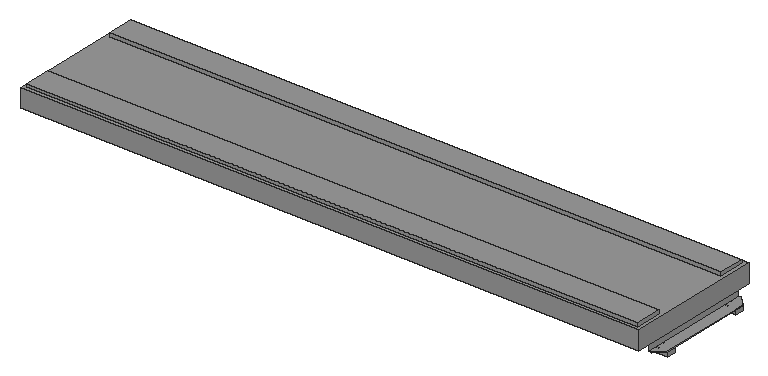
Revit family "44059", category Lighting Fixtures, host Face, Revit 2018
Family settings
  Host = Face
  Round Connector Dimension = Use Diameter
  Part Type = Normal
  OmniClass Number = 23.80.70.00
  OmniClass Title = Lighting
  Cut with Voids When Loaded = No
  Light Source = Yes
  Shared = No
  Room Calculation Point = No
Parameters (values of type "0044059 SPORTSBAY 18KLM 840")
  box length = 1160 mm
  Width = 320 mm
  Weight = "n/a"
  Wattage Comments = ""
  Wattage = 9.2903 W
  WarrantyStartDate [instance] = "n/a"
  WarrantyGuarantorParts = "n/a"
  WarrantyDurationUnit = "n/a"
  WarrantyDurationParts = ""
  WarrantyDescription = "http://www.sylvania-lighting.com"
  built-in parameter 1150110 = 1 (stored number, unit not read)
  Voltage = 0 V
  URL = "0.96"
  TypeName = "Sportsbay 18klm 840"
  Type Image = <None>
  Type Comments = "n/a"
  built-in parameter 1114217 = 1 (stored number, unit not read)
  Tilt Angle = -90.00°
  built-in parameter 1150109 = 1 (stored number, unit not read)
  built-in parameter 1150134 = 3
  built-in parameter 1150113 = 1 (stored number, unit not read)
  SerialNumber [instance] = "n/a"
  Photometric Web File = "0044059.IES"
  Material_3_SYL = none
  PowerFactor = 0
  PowerConsumption = "Lighting"
  NominalLength = 320 mm
  NominalHeight = 76 mm
  NominalDepth = 320 mm
  Name = "Sportsbay 18klm 840"
  ModelReference = Name  # "Sportsbay 18klm 840"
  ModelNumber = "0044059"
  Model = Name  # "Sportsbay 18klm 840"
  Material = "Feilo Sylvania"
  ManufacturerName = "156 lm/W"
  Manufacturer = ""
  LuminousEfficacy = ""
  built-in parameter 1150105 = 109.82 (stored number, unit not read)
  Lumens = 1380 lm
  LuminaireType = "0"
  built-in parameter 1150115 = 1 (stored number, unit not read)
  LightOutputRatio = "LED"
  built-in parameter 1150137 = (empty or 0)
  built-in parameter 1150139 = (empty or 0)
  Length = 1500 mm
  LampsType = Lamp  # "n/a"
  LampNominalLuminous = "4000 K"
  LampMacAdamStep = "80"
  LampColourTemperature = "LED"
  LampColourRenderingIndex = "16500"
  built-in parameter 1150112 = 1 (stored number, unit not read)
  built-in parameter 1150114 = 1 (stored number, unit not read)
  Lamp = "n/a"
  Keynote = "n/a"
  InstallationDate [instance] = "n/a"
  InputVoltage = "0"
  InputNominalFrequency = "4000"
  built-in parameter 1150132 = (empty or 0)
  built-in parameter 1150102 = (empty or 0)
  built-in parameter 1150107 = 3200 (stored number, unit not read)
  built-in parameter 1150138 = (empty or 0)
  IngressProtection = "IfcLightFixtureType"
  ImpactProtectionIndex = "IfcLightFixtureType"
  built-in parameter 1150106 = 1.0982 (stored number, unit not read)
  IfcExportType = "IfcLightFixtureType"
  IfcExportAs = "Class I"
  Height = 76 mm
  Emit from Circle Diameter = 609.6 mm
  Emit Shape Visible in Rendering = no
  ElectricShockClassification = "156"
  built-in parameter 1150104 = 13.8 (stored number, unit not read)
  DocumentationLiterature = "http://www.sylvania-lighting.com/product/en-int/products/0044059"
  DimmingControlOptions = "n/a"
  Material_2_SYL = none
  Dimming Lamp Color Temperature Shift = <None>
  Description = ""
  Default Elevation = 1219.2 mm
  CreatedOn = "26/09/2023"
  CreatedBy = "@sylvania-lighting.com"
  Cost = 0
  Color Filter = 16777215
  built-in parameter 1114216 [instance] = (empty or 0)
  ClassificationValue = "EF_70_80"
  ClassificationName = "Uniclass2015"
  Material_1_SYL = none
  BarCode [instance] = "n/a"
  built-in parameter 1114218 = 1 (stored number, unit not read)
  built-in parameter 1150133 = 10 (stored number, unit not read)
  AssetType = "Fixed"
  AssetIdentifier [instance] = "n/a"
  Assembly Code = "D5020200"
  Apparent Load = 118 VA
  Material_4_SYL = none
Reference planes
  plane 1 "Center (Front/Back)": y = 0
  plane 2: z = 0
  plane 3 "Center (Left/Right)": x = 0
  plane 4: x = -750
  plane 5: x = 750
  plane 6: y = 160
  plane 7: y = -160
  plane 8: z = 76
  plane 9: z = 1
  plane 10: y = 130
  plane 11: y = -130
  plane 12: y = 110
  plane 13: y = -110
  plane 14: z = 11
  plane 15: z = 68
  plane 16: z = 25
  plane 17: y = 90
  plane 18: y = 151
  plane 19: y = 90
  plane 20: x = -720
  plane 21: x = -728.997
  plane 22: x = -721
  plane 23: x = -712
  plane 24: x = -748.5
  plane 25: x = -723.5
  plane 26: x = 712
Forms (mm)
  Extrusion 1, solid, material "Aluminum", detail levels medium+fine
    sketch origin (0, 0, 0) x (1, 0, 0) y (0, 1, 0)
      loop
        line (-740.875, 130) -> (-750, 121.311) -> (-750, -110) -> (-728.997, -130) -> (-720, -130) -> (-720, 130) -> (-740.875, 130)
    from 11 to 12
  Extrusion 2, solid, material "Aluminum", detail levels medium+fine
    sketch origin (0, 0, 0) x (1, 0, 0) y (0, 1, 0)
      loop
        line (-720, 130) -> (-721, 130) -> (-721, -130) -> (-720, -130) -> (-720, 130)
    from 11 to 25
  Extrusion 3, solid, material "Aluminum", detail levels medium+fine
    sketch origin (1524, -324.9, 1219.2) x (1, 0, 0) y (0, 0, 1)
      loop
        line (-803, -1151.2) -> (-2245, -1151.2) -> (-2245, -1194.2) -> (-803, -1194.2) -> (-803, -1151.2)
    from -484.9 to -164.9
  Extrusion 4, solid, material "Aluminum", detail levels medium+fine
    sketch origin (0, 0, 0) x (1, 0, 0) y (0, 1, 0)
      loop
        line (-748.5, 110) -> (-748.5, 90) -> (-723.5, 90) -> (-723.5, 110) -> (-748.5, 110)
    from 0 to 11
  Extrusion 5, solid, material "Aluminum", detail levels medium+fine
    sketch origin (0, 0, 0) x (1, 0, 0) y (0, 1, 0)
      loop
        line (-748.5, -110) -> (-723.5, -110) -> (-723.5, -90) -> (-748.5, -90) -> (-748.5, -110)
    from 0 to 11
  Extrusion 6, solid, material "Glass, White, High Luminance", detail levels fine
    sketch origin (0, 0, 0) x (1, 0, 0) y (0, 1, 0)
      loop
        line (-712, 151) -> (-712, 90) -> (712, 90) -> (712, 151) -> (-712, 151)
    from 68 to 76
  Extrusion 7, solid, material "Glass, White, High Luminance", detail levels fine
    sketch origin (0, 0, 0) x (1, 0, 0) y (0, 1, 0)
      loop
        line (-712, -151) -> (712, -151) -> (712, -90) -> (-712, -90) -> (-712, -151)
    from 68 to 76
  Extrusion 8, solid, detail levels coarse
    sketch origin (0, 0, 0) x (1, 0, 0) y (0, 1, 0)
      loop
        line (-750, 160) -> (-750, -160) -> (750, -160) -> (750, 160) -> (-750, 160)
    from 0 to 76
  Extrusion 9, solid, material "Aluminum", detail levels medium+fine
    sketch origin (0, 0, 0) x (-1, 0, 0) y (0, -1, 0)
      loop
        line (-726.38, -130) -> (-720, -130) -> (-720, 130) -> (-728.997, 130) -> (-750, 110) -> (-750, -107.508) -> (-726.38, -130)
    from 11 to 12
  Extrusion 10, solid, material "Aluminum", detail levels coarse
    sketch origin (-1524, -324.9, 1219.2) x (-1, 0, 0) y (0, 0, -1)
      loop
        line (-774, 1143.2) -> (-774, 1219.2) -> (-2274, 1219.2) -> (-2274, 1143.2) -> (-774, 1143.2)
    from -484.9 to -164.9
  Extrusion 11, solid, material "Aluminum", detail levels medium+fine
    sketch origin (0, 0, 0) x (-1, 0, 0) y (0, -1, 0)
      loop
        line (-748.5, -110) -> (-723.5, -110) -> (-723.5, -90) -> (-748.5, -90) -> (-748.5, -110)
    from 0 to 11
  Extrusion 12, solid, material "Aluminum", detail levels medium+fine
    sketch origin (0, 0, 0) x (-1, 0, 0) y (0, -1, 0)
      loop
        line (-748.5, 110) -> (-748.5, 90) -> (-723.5, 90) -> (-723.5, 110) -> (-748.5, 110)
    from 0 to 11
  Extrusion 13, solid, material "Aluminum", detail levels medium+fine
    sketch origin (0, 0, 0) x (-1, 0, 0) y (0, -1, 0)
      loop
        line (-720, -130) -> (-720, 130) -> (-721, 130) -> (-721, -130) -> (-720, -130)
    from 11 to 25
Dimensions and locks
  equal spacing: plane 4, plane 3 "Center (Left/Right)", plane 5
  equal spacing: plane 6, plane 1 "Center (Front/Back)", plane 7
  "Length": plane 4 to plane 5
  "Width": plane 6 to plane 7
  "Height": plane 8 to level
  aligned and locked: plane 2 to host face
  aligned and locked: level to host face
Automatic sketch dimensions
  host sketch curve to host sketch curve = 2438.4 mm  (x2)
  Extrusion 1 sketch curve to plane 4 = 0 mm
  Extrusion 1 sketch curve to plane 11 = 0 mm
  Extrusion 1 sketch curve to plane 21 = 0 mm
  Extrusion 1 sketch curve to plane 10 = 0 mm
  Extrusion 1 sketch curve to plane 20 = 0 mm
  Extrusion 1 sketch curve to plane 13 = 0 mm
  plane 21 to Extrusion 1 sketch curve = 11.878 mm
  plane 12 to Extrusion 1 sketch curve = 11.311 mm
  Extrusion 2 sketch curve to plane 10 = 0 mm
  Extrusion 2 sketch curve to plane 22 = 0 mm
  Extrusion 2 sketch curve to plane 11 = 0 mm
  Extrusion 2 sketch curve to plane 20 = 0 mm
  Extrusion 4 sketch curve to plane 17 = 0 mm
  Extrusion 4 sketch curve to plane 24 = 0 mm
  Extrusion 4 sketch curve to plane 25 = 0 mm
  Extrusion 4 sketch curve to plane 12 = 0 mm
  Extrusion 5 sketch curve to plane 24 = 0 mm
  Extrusion 5 sketch curve to plane 25 = 0 mm
  Extrusion 5 sketch curve to plane 13 = 0 mm
  Extrusion 5 sketch curve to plane 13 = 20 mm
  Extrusion 6 sketch curve to plane 17 = 0 mm
  Extrusion 6 sketch curve to plane 23 = 0 mm
  Extrusion 6 sketch curve to plane 26 = 0 mm
  Extrusion 6 sketch curve to plane 18 = 0 mm
  Extrusion 7 sketch curve to plane 26 = 0 mm
  Extrusion 7 sketch curve to plane 7 = 9 mm
  Extrusion 7 sketch curve to plane 23 = 0 mm
  Extrusion 7 sketch curve to plane 13 = 20 mm
  Extrusion 8 sketch curve to plane 4 = 0 mm
  Extrusion 8 sketch curve to plane 5 = 0 mm
  Extrusion 8 sketch curve to plane 7 = 0 mm
  Extrusion 8 sketch curve to plane 6 = 0 mm
  Extrusion 9 sketch curve to plane 5 = 0 mm
  Extrusion 9 sketch curve to plane 11 = 0 mm
  Extrusion 9 sketch curve to plane 10 = 0 mm
  plane 13 to Extrusion 9 sketch curve = 0 mm
  Extrusion 9 sketch curve to plane 26 = 16.997 mm
  Extrusion 9 sketch curve to plane 26 = 14.38 mm
  Extrusion 9 sketch curve to Extrusion 9 sketch curve = 6.38 mm
  plane 12 to Extrusion 9 sketch curve = 2.492 mm
  Extrusion 10 sketch curve to plane 5 = 0 mm
  Extrusion 10 sketch curve to level = 0 mm
  Extrusion 10 sketch curve to plane 4 = 0 mm
  Extrusion 10 sketch curve to plane 8 = 0 mm
  plane 17 to Extrusion 11 sketch curve = 0 mm
  plane 12 to Extrusion 11 sketch curve = 0 mm
  plane 5 to Extrusion 11 sketch curve = 1.5 mm
  Extrusion 11 sketch curve to plane 26 = 11.5 mm
  plane 13 to Extrusion 12 sketch curve = 0 mm
  Extrusion 12 sketch curve to plane 5 = 1.5 mm
  plane 26 to Extrusion 12 sketch curve = 11.5 mm
  Extrusion 12 sketch curve to Extrusion 12 sketch curve = 20 mm
  Extrusion 13 sketch curve to plane 10 = 0 mm
  Extrusion 13 sketch curve to plane 11 = 0 mm
  Extrusion 13 sketch curve to plane 26 = 9 mm
  Extrusion 13 sketch curve to Extrusion 13 sketch curve = 1 mm
  Extrusion 3 sketch curve to plane 22 = 0 mm
  Extrusion 3 sketch curve to plane 16 = 0 mm
  Extrusion 3 sketch curve to plane 15 = 0 mm
  plane 26 to Extrusion 3 sketch curve = 9 mm
Connectors
  electrical at (0, 0, 0), driven by "Apparent Load", driven by "PowerFactor", driven by "Voltage"
    settings: index 1, voltage 0 V, apparent load 118 VA, apparent load phase1 0 VA, apparent load phase2 0 VA, apparent load phase3 0 VA, power factor 0, load classification "Lighting", number of poles 1, system type 30, power factor state 1, is connector primary yes, connector utility no, sub classification motor no, connector description ""
